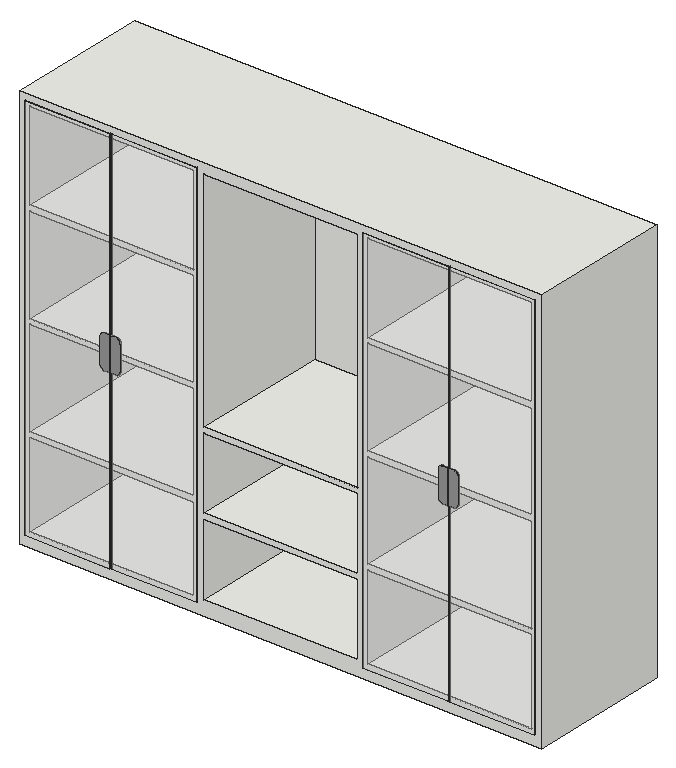
Revit family
Parameters (values of type "2743 x 2134 x 0762mm")
  Material = Laminate - Ivory, Matte
  Keynote = "N"
  Center Width = 813.00 mm
  Depth = 762.00 mm
  Height = 2134.00 mm
  Width = 2743.00 mm
Types (3, lengths in mm): name | Depth | Height | Width
  (no name) | 762.00 | 2134.00 | 2743.00
  1830 x 1830 x 0610mm | 610.00 | 1830.00 | 1830.00
  2743 x 2134 x 0762mm | 762.00 | 2134.00 | 2743.00
Reference planes
  plane 1: y = -406.4
  plane 2: z = 0
  plane 3: x = 0
  plane 4 "Back": y = -25.4
  plane 5 "Front": y = -787.4
  plane 6 "Right": x = 1371.5
  plane 7 "Left": x = -1371.5
  plane 8: z = 2134
  plane 9: x = -1320.7
  plane 10: x = -406.5
  plane 11: x = 406.5
  plane 12: x = 1320.7
  plane 13: x = -1371.5
  plane 14: x = 1371.5
  plane 15: z = 1600.5
  plane 16: z = 1067
  plane 17: z = 533.5
  plane 18: x = -431.9
  plane 19: x = 431.9
  plane 20: x = -889
  plane 21: x = 889
  plane 22: x = -1320.7
  plane 23: x = -457.3
  plane 24: x = 457.3
  plane 25: x = 1320.7
Forms (mm)
  Extrusion 1, solid, material "Laminate - Ivory, Matte" <- "Material"
    sketch origin (0, 0, 0) x (1, 0, 0) y (0, 0, 1)
      loop
        line (-1371.5, 0) -> (1371.5, 0) -> (1371.5, 2134) -> (-1371.5, 2134) -> (-1371.5, 0)
      loop
        line (-1320.7, 2083.2) -> (-1320.7, 1613.2) -> (-457.3, 1613.2) -> (-457.3, 2083.2) -> (-1320.7, 2083.2)
      loop
        line (-1320.7, 76.2) -> (-457.3, 76.2) -> (-457.3, 520.8) -> (-1320.7, 520.8) -> (-1320.7, 76.2)
      loop
        line (1320.7, 2083.2) -> (457.3, 2083.2) -> (457.3, 1613.2) -> (1320.7, 1613.2) -> (1320.7, 2083.2)
      loop
        line (-406.5, 2083.2) -> (-406.5, 889.2) -> (406.5, 889.2) -> (406.5, 2083.2) -> (-406.5, 2083.2)
      loop
        line (-406.5, 76.2) -> (406.5, 76.2) -> (406.5, 457.3) -> (-406.5, 457.3) -> (-406.5, 76.2)
      loop
        line (457.3, 76.2) -> (1320.7, 76.2) -> (1320.7, 520.8) -> (457.3, 520.8) -> (457.3, 76.2)
      loop
        line (-457.3, 546.2) -> (-457.3, 1054.3) -> (-1320.7, 1054.3) -> (-1320.7, 546.2) -> (-457.3, 546.2)
      loop
        line (-1320.7, 1587.8) -> (-1320.7, 1079.7) -> (-457.3, 1079.7) -> (-457.3, 1587.8) -> (-1320.7, 1587.8)
      loop
        line (1320.7, 1587.8) -> (457.3, 1587.8) -> (457.3, 1079.7) -> (1320.7, 1079.7) -> (1320.7, 1587.8)
      loop
        line (1320.7, 1054.3) -> (457.3, 1054.3) -> (457.3, 546.2) -> (1320.7, 546.2) -> (1320.7, 1054.3)
      loop
        line (-406.5, 482.7) -> (406.5, 482.7) -> (406.5, 863.8) -> (-406.5, 863.8) -> (-406.5, 482.7)
    from 25.4 to 781.05
  Extrusion 2, solid, material "Laminate - Ivory, Matte" <- "Material"
    sketch origin (0, -25.4, 0) x (-1, 0, 0) y (0, 0, 1)
      loop
        line (1320.7, 2083.2) -> (-1320.7, 2083.2) -> (-1320.7, 76.2) -> (1320.7, 76.2) -> (1320.7, 2083.2)
    from 0 to -25.4
  Extrusion 3, solid, material "Glass - Clear, Grey"
    sketch origin (0, -787.4, 0) x (-1, 0, 0) y (0, 0, 1)
      loop
        line (1339.75, 2102.25) -> (892.175, 2102.25) -> (892.175, 50.8) -> (1339.75, 50.8) -> (1339.75, 2102.25)
      loop
        line (438.25, 50.8) -> (885.825, 50.8) -> (885.825, 2102.25) -> (438.25, 2102.25) -> (438.25, 50.8)
      loop
        line (-1339.75, 2102.25) -> (-1339.75, 50.8) -> (-892.175, 50.8) -> (-892.175, 2102.25) -> (-1339.75, 2102.25)
      loop
        line (-438.25, 50.8) -> (-438.25, 2102.25) -> (-885.825, 2102.25) -> (-885.825, 50.8) -> (-438.25, 50.8)
    from 0 to 6.35
  Extrusion 4, solid, material "Metal - Chrome"
    sketch origin (0, -787.4, 0) x (-1, 0, 0) y (0, 0, 1)
      loop
        line (885.825, 1155.9) -> (861.599, 1155.9)
        arc (861.599, 1155.9) -> (843.638, 1148.461) -> (836.199, 1130.5) r 25.4
        line (836.199, 1130.5) -> (836.199, 1003.5)
        arc (836.199, 1003.5) -> (843.638, 985.539) -> (861.599, 978.1) r 25.4
        line (861.599, 978.1) -> (885.825, 978.1) -> (885.825, 1155.9)
      loop
        line (892.175, 1155.9) -> (892.175, 978.1) -> (916.781, 978.1)
        arc (916.781, 978.1) -> (934.742, 985.539) -> (942.181, 1003.5) r 25.4
        line (942.181, 1003.5) -> (942.181, 1130.5)
        arc (942.181, 1130.5) -> (934.742, 1148.461) -> (916.781, 1155.9) r 25.4
        line (916.781, 1155.9) -> (892.175, 1155.9)
      loop
        line (-885.825, 1155.9) -> (-885.825, 978.1) -> (-861.599, 978.1)
        arc (-861.599, 978.1) -> (-843.638, 985.539) -> (-836.199, 1003.5) r 25.4
        line (-836.199, 1003.5) -> (-836.199, 1130.5)
        arc (-836.199, 1130.5) -> (-843.638, 1148.461) -> (-861.599, 1155.9) r 25.4
        line (-861.599, 1155.9) -> (-885.825, 1155.9)
      loop
        line (-892.175, 1155.9) -> (-916.781, 1155.9)
        arc (-916.781, 1155.9) -> (-934.742, 1148.461) -> (-942.181, 1130.5) r 25.4
        line (-942.181, 1130.5) -> (-942.181, 1003.5)
        arc (-942.181, 1003.5) -> (-934.742, 985.539) -> (-916.781, 978.1) r 25.4
        line (-916.781, 978.1) -> (-892.175, 978.1) -> (-892.175, 1155.9)
    from 0 to -3.175
Lines and regions (mm)
  Masking region 1
    outline origin (0, 0, 0) x (1, 0, 0) y (0, 1, 0)
      loop
        line (-1371.5, -25.4) -> (-1371.5, -787.4) -> (1371.5, -787.4) -> (1371.5, -25.4) -> (-1371.5, -25.4)
  symbolic lines, style "Furniture"
    curve 1: line (-1371.5, -787.4, 0) -> (1371.5, -787.4, 0)
    curve 2: line (-1371.5, -25.4, 0) -> (-1371.5, -787.4, 0)
    curve 3: line (1371.5, -25.4, 0) -> (-1371.5, -25.4, 0)
    curve 4: line (1371.5, -787.4, 0) -> (1371.5, -25.4, 0)
Dimensions and locks
  locked: plane 13 to plane 9 at 50.8
  locked: plane 12 to plane 14 at 50.8
  plane 8 to Extrusion 1 sketch curve = 50.80 mm
  Extrusion 1 sketch curve to plane 2 = 76.20 mm
  Extrusion 1 sketch curve to Extrusion 1 sketch curve = 25.40 mm  (x2)
  "Width": plane 7 "Left" to plane 6 "Right"
  equal spacing: plane 7 "Left", plane 3, plane 6 "Right"
  equal spacing: plane 4 "Back", plane 1, plane 5 "Front"
  "Depth": plane 4 "Back" to plane 5 "Front"
  equal spacing: plane 8, plane 15, plane 16, plane 17, plane 2
  locked: Extrusion 1 sketch curve to plane 15 at 12.7
  locked: plane 15 to Extrusion 1 sketch curve at 12.7
  locked: Extrusion 1 sketch curve to plane 16 at 12.7
  locked: plane 16 to Extrusion 1 sketch curve at 12.7
  locked: Extrusion 1 sketch curve to plane 17 at 12.7
  locked: plane 17 to Extrusion 1 sketch curve at 12.7
  "Height": plane 8 to plane 2
  "Center Width": plane 10 to plane 11
  equal spacing: plane 10, plane 3, plane 11
  locked: plane 18 to plane 10 at 25.4
  locked: plane 11 to plane 19 at 25.4
  locked: plane 7 "Left" to plane 22 at 50.8
  locked: plane 23 to plane 18 at 25.4
  locked: plane 19 to plane 24 at 25.4
  locked: plane 25 to plane 6 "Right" at 50.8
  equal spacing: plane 22, plane 20, plane 23
  equal spacing: plane 24, plane 21, plane 25
  aligned and locked: Extrusion 1 sketch curve to plane 13
  aligned and locked: Extrusion 1 sketch curve to plane 14
  aligned and locked: plane 13 to plane 7 "Left"
  aligned and locked: Extrusion 1 sketch curve to Extrusion 1 sketch curve  (x2)
  aligned and locked: plane 14 to plane 6 "Right"
  aligned and locked: plane 4 "Back" to Extrusion 1
  aligned and locked: Extrusion 1 to Extrusion 3
  aligned and locked: Extrusion 4 sketch curve to Extrusion 3  (x2)
  aligned and locked: Extrusion 3 to Extrusion 4 sketch curve  (x2)
  aligned: Masking region 1 sketch curve to plane 4 "Back"
  aligned: plane 5 "Front" to Masking region 1 sketch curve
  aligned: Masking region 1 sketch curve to plane 6 "Right"
Automatic sketch dimensions
  Extrusion 1 sketch curve to plane 9 = 0.00 mm  (x4)
  Extrusion 1 sketch curve to plane 10 = 0.00 mm  (x3)
  Extrusion 1 sketch curve to plane 11 = 0.00 mm  (x3)
  Extrusion 1 sketch curve to plane 12 = 0.00 mm  (x4)
  Extrusion 1 sketch curve to Extrusion 1 sketch curve = 50.80 mm  (x2)
  Extrusion 1 sketch curve to plane 11 = 50.80 mm
  Extrusion 1 sketch curve to plane 8 = 0.00 mm
  Extrusion 1 sketch curve to Extrusion 1 sketch curve = 0.00 mm  (x6)
  Extrusion 1 sketch curve to level = 0.00 mm
  level to Extrusion 1 sketch curve = 76.20 mm
  plane 8 to Extrusion 1 sketch curve = 50.80 mm
  Extrusion 1 sketch curve to Extrusion 1 sketch curve = 165.10 mm  (x2)
  Extrusion 1 sketch curve to Extrusion 1 sketch curve = 25.40 mm  (x2)
  Extrusion 1 sketch curve to Extrusion 1 sketch curve = 38.10 mm  (x2)
  curve 3 to plane 4 "Back" = 0.00 mm
  curve 3 to plane 7 "Left" = 0.00 mm
  curve 3 to plane 6 "Right" = 0.00 mm
  curve 1 to plane 5 "Front" = 0.00 mm
  Extrusion 2 sketch curve to plane 6 "Right" = 50.80 mm
  plane 7 "Left" to Extrusion 2 sketch curve = 50.80 mm
  level to Extrusion 2 sketch curve = 76.20 mm
  plane 8 to Extrusion 2 sketch curve = 50.80 mm
  plane 18 to Extrusion 1 sketch curve = 25.40 mm
  Extrusion 3 sketch curve to plane 6 "Right" = 31.75 mm
  Extrusion 3 sketch curve to plane 21 = 3.175 mm
  plane 21 to Extrusion 3 sketch curve = 3.175 mm
  Extrusion 3 sketch curve to plane 19 = 6.35 mm
  plane 18 to Extrusion 3 sketch curve = 6.35 mm
  Extrusion 3 sketch curve to plane 20 = 3.175 mm
  plane 20 to Extrusion 3 sketch curve = 3.175 mm
  plane 7 "Left" to Extrusion 3 sketch curve = 31.75 mm
  level to Extrusion 3 sketch curve = 50.80 mm  (x4)
  plane 8 to Extrusion 3 sketch curve = 31.75 mm  (x4)
  Extrusion 4 sketch curve to Extrusion 4 sketch curve = 24.606 mm  (x4)
  Extrusion 4 sketch curve to Extrusion 4 sketch curve = 25.40 mm  (x5)
  Extrusion 4 sketch curve to Extrusion 4 sketch curve = 24.226 mm  (x4)
  Extrusion 4 sketch curve to Extrusion 4 sketch curve = 49.626 mm
  plane 16 to Extrusion 4 sketch curve = 88.90 mm  (x2)
  Extrusion 4 sketch curve to Extrusion 4 sketch curve = 0.00 mm  (x2)
  Extrusion 4 sketch curve to plane 16 = 63.50 mm  (x2)
  Masking region 1 sketch curve to plane 5 "Front" = 0.00 mm
  Masking region 1 sketch curve to plane 7 "Left" = 0.00 mm
  Masking region 1 sketch curve to plane 6 "Right" = 0.00 mm
  Masking region 1 sketch curve to plane 4 "Back" = 0.00 mm
